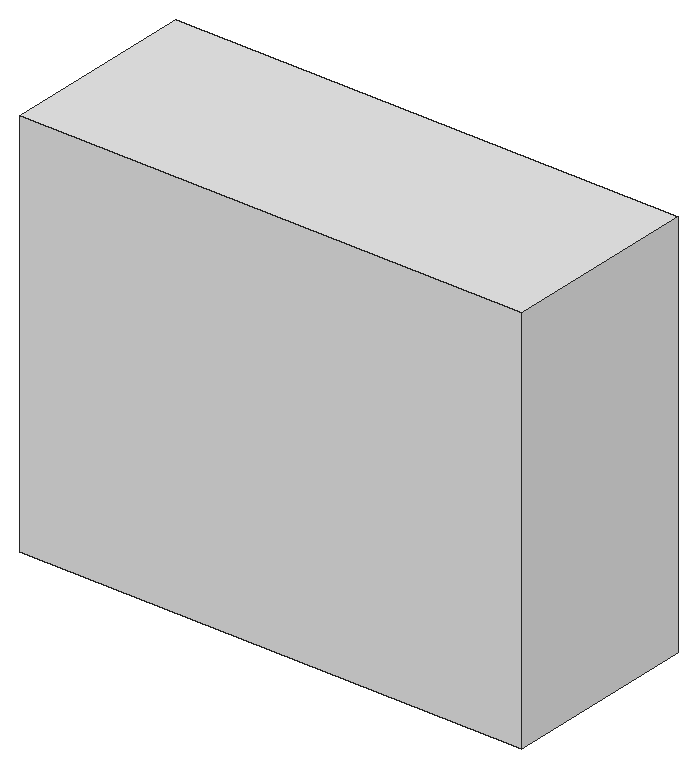
Revit family "LD_Split AC Unit", category Mechanical Equipment, Revit 2025
Family settings
  Round Connector Dimension = Use Diameter
  Part Type = Normal
  OmniClass Number = 23.75.00.00
  OmniClass Title = Climate Control (HVAC)
  Work Plane-Based = No
  Always vertical = Yes
  Cut with Voids When Loaded = No
  Maintain Annotation Orientation = No
  Shared = No
  Room Calculation Point = No
Parameters (values of type "3.5 kW 1P")
  EL Voltage [instance] = 230 V
  EL Number of Poles [instance] = 1
  EL Apparent Load [instance] = 4100 VA
  Default Elevation = 0 mm
Reference planes
  plane 1 "Center (Front/Back)": y = 0
  plane 2: z = 0
  plane 3 "Center (Left/Right)": x = 0
Forms (mm)
  Extrusion 1, solid, material "AC White"
    sketch origin (0, 0, 0) x (1, 0, 0) y (0, 1, 0)
      loop
        line (-450, -175) -> (450, -175) -> (450, 175) -> (-450, 175) -> (-450, -175)
    from 0 to 700
Dimensions and locks
  aligned and locked: level to plane 2
Connectors
  electrical at (0, 0, 700), driven by "EL Voltage", driven by "EL Number of Poles", driven by "EL Apparent Load"
    settings: on Extrusion 1, index 1, voltage 230 V, apparent load 4100 VA, apparent load phase1 0 VA, apparent load phase2 0 VA, apparent load phase3 0 VA, power factor 0.85, load classification "Other", number of poles 1, system type 30, power factor state 1, is connector primary yes, connector utility no, sub classification motor no, connector description ""
